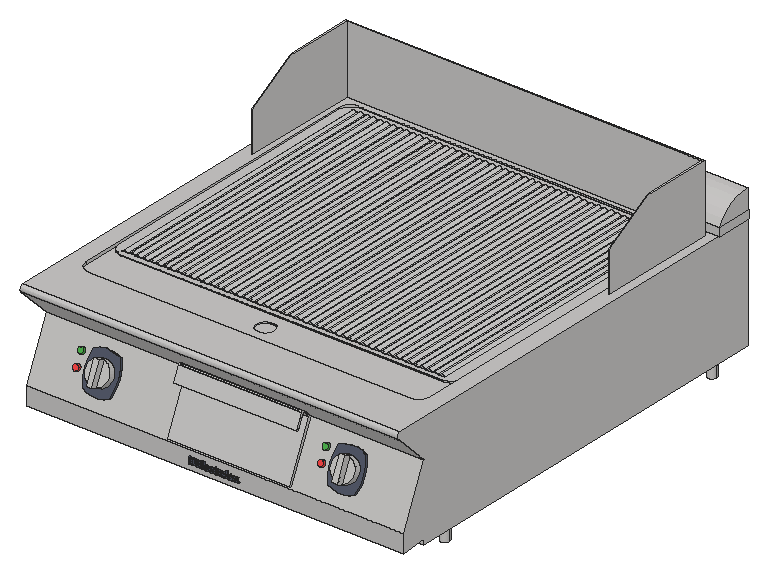
Revit family "QF_ELECTROLUXPROFESSIONAL_391408_E9IILDAOMEA", category Specialty Equipment, Revit 2018 (continued)
Automatic sketch dimensions
  plane 8 "Center X" to curve 112 = 123.8 mm
  plane 3 "LEFT" to curve 107 = 23 mm
  plane 8 "Center X" to curve 107 = 123.8 mm
  plane 1 "BACK" to curve 271 = 118.507 mm
  curve 145 to plane 7 "Center Y" = 24.975 mm
  curve 271 to curve 145 = 0 mm
  curve 142 to curve 145 = 0 mm
  curve 146 to curve 150 = 0 mm
  curve 137 to curve 140 = 0 mm
  curve 151 to curve 155 = 0 mm
  curve 132 to curve 135 = 0 mm
  curve 156 to curve 160 = 0 mm
  curve 161 to curve 165 = 0 mm
  curve 166 to curve 170 = 0 mm
  curve 171 to curve 114 = 0 mm
  curve 171 to curve 175 = 0 mm
  plane 1 "BACK" to curve 222 = 118.507 mm
  curve 276 to curve 220 = 0 mm
  curve 176 to curve 180 = 0 mm
  curve 181 to curve 185 = 0 mm
  curve 102 to plane 13 = 3.025 mm
  plane 1 "BACK" to curve 102 = 118.507 mm
  curve 276 to curve 195 = 0 mm
  curve 196 to curve 200 = 0 mm
  curve 201 to curve 205 = 0 mm
  curve 206 to curve 210 = 0 mm
  curve 77 to curve 80 = 0 mm
  curve 211 to curve 215 = 0 mm
  curve 221 to curve 225 = 0 mm
  curve 226 to curve 230 = 0 mm
  curve 231 to curve 235 = 0 mm
  curve 236 to curve 240 = 0 mm
  curve 241 to curve 245 = 0 mm
  curve 246 to curve 250 = 0 mm
  curve 251 to curve 255 = 0 mm
  curve 256 to curve 260 = 0 mm
  curve 261 to curve 265 = 0 mm
  plane 3 "LEFT" to curve 105 = 20 mm
  curve 105 to curve 275 = 27.307 mm
  curve 24 to plane 11 = 41.975 mm
  plane 10 to curve 19 = 25 mm
  curve 21 to plane 13 = 0.025 mm
  plane 10 to curve 21 = 25 mm
  curve 109 to curve 276 = 30.075 mm
  plane 3 "LEFT" to curve 19 = 60.025 mm
  curve 275 to curve 278 = 12 mm
  curve 277 to curve 198 = 2 mm
  curve 195 to curve 198 = 12 mm
  curve 197 to curve 203 = 2 mm
  curve 200 to curve 203 = 12 mm
  curve 201 to curve 206 = 2 mm
  curve 205 to curve 208 = 12 mm
  curve 207 to curve 213 = 2 mm
  curve 210 to curve 213 = 12 mm
  curve 212 to curve 215 = 2 mm
  curve 215 to curve 216 = 12 mm
  curve 217 to curve 220 = 2 mm
  curve 220 to curve 222 = 12 mm
  curve 221 to curve 225 = 2 mm
  curve 225 to curve 227 = 12 mm
  curve 226 to curve 230 = 2 mm
  curve 230 to curve 231 = 12 mm
  curve 232 to curve 235 = 2 mm
  curve 235 to curve 236 = 12 mm
  curve 236 to curve 240 = 2 mm
  curve 240 to curve 243 = 12 mm
  curve 242 to curve 245 = 2 mm
  curve 245 to curve 247 = 12 mm
  curve 246 to curve 250 = 2 mm
  curve 250 to curve 252 = 12 mm
  curve 252 to curve 258 = 2 mm
  curve 255 to curve 258 = 12 mm
  curve 257 to curve 260 = 2 mm
  curve 260 to curve 263 = 12 mm
  curve 261 to curve 266 = 2 mm
  curve 265 to curve 268 = 12 mm
  curve 267 to curve 273 = 2 mm
  curve 270 to curve 272 = 12 mm
  curve 272 to curve 115 = 2 mm
  curve 115 to curve 118 = 12 mm
  curve 117 to curve 123 = 2 mm
  curve 120 to curve 122 = 12 mm
  curve 121 to curve 126 = 2 mm
  curve 125 to curve 127 = 12 mm
  curve 127 to curve 133 = 2 mm
  curve 130 to curve 132 = 12 mm
  curve 131 to curve 136 = 2 mm
  curve 135 to curve 138 = 12 mm
  curve 136 to curve 140 = 2 mm
  curve 143 to curve 145 = 2 mm
  curve 145 to curve 148 = 12 mm
  curve 146 to curve 150 = 2 mm
  plane 7 "Center Y" to curve 152 = 1.025 mm
  curve 155 to curve 158 = 12 mm
  curve 157 to curve 160 = 2 mm
  curve 160 to curve 162 = 12 mm
  curve 162 to curve 165 = 2 mm
  curve 165 to curve 168 = 12 mm
  curve 167 to curve 173 = 2 mm
  curve 170 to curve 172 = 12 mm
  curve 171 to curve 176 = 2 mm
  curve 175 to curve 177 = 12 mm
  curve 177 to curve 180 = 2 mm
  curve 180 to curve 183 = 12 mm
  curve 182 to curve 188 = 2 mm
  curve 185 to curve 188 = 12 mm
  curve 186 to curve 191 = 2 mm
  curve 190 to curve 193 = 12 mm
  curve 114 to curve 25 = 2 mm
  curve 25 to curve 26 = 12 mm
  curve 27 to curve 30 = 2 mm
  curve 30 to curve 31 = 12 mm
  curve 32 to curve 35 = 2 mm
  curve 35 to curve 36 = 12 mm
  curve 36 to curve 40 = 2 mm
  curve 40 to curve 42 = 12 mm
  curve 42 to curve 45 = 2 mm
  curve 45 to curve 47 = 12 mm
  curve 46 to curve 50 = 2 mm
  curve 50 to curve 52 = 12 mm
  curve 52 to curve 55 = 2 mm
  curve 55 to curve 58 = 12 mm
  curve 57 to curve 63 = 2 mm
  curve 60 to curve 62 = 12 mm
  curve 61 to curve 65 = 2 mm
  curve 65 to curve 67 = 12 mm
  curve 66 to curve 70 = 2 mm
  curve 70 to curve 72 = 12 mm
  curve 71 to curve 75 = 2 mm
  curve 75 to curve 78 = 12 mm
  curve 76 to curve 80 = 2 mm
  curve 80 to curve 83 = 12 mm
  curve 82 to curve 88 = 2 mm
  curve 85 to curve 87 = 12 mm
  curve 86 to curve 90 = 2 mm
  curve 90 to curve 92 = 12 mm
  curve 92 to curve 95 = 2 mm
  curve 95 to curve 96 = 12 mm
  curve 97 to curve 100 = 2 mm
  curve 110 to curve 111 = 3 mm
  curve 114 to curve 114 = 24.848 mm
  curve 107 to curve 109 = 3 mm
  curve 275 to curve 279 = 6 mm
  curve 195 to curve 199 = 6 mm
  curve 200 to curve 204 = 6 mm
  curve 205 to curve 209 = 6 mm
  curve 210 to curve 214 = 6 mm
  curve 215 to curve 219 = 6 mm
  curve 220 to curve 224 = 6 mm
  curve 225 to curve 229 = 6 mm
  curve 230 to curve 234 = 6 mm
  curve 235 to curve 239 = 6 mm
  curve 240 to curve 244 = 6 mm
  curve 245 to curve 249 = 6 mm
  curve 250 to curve 254 = 6 mm
  curve 255 to curve 259 = 6 mm
  curve 260 to curve 264 = 6 mm
  curve 265 to curve 269 = 6 mm
  curve 270 to curve 274 = 6 mm
  curve 115 to curve 119 = 6 mm
  curve 120 to curve 124 = 6 mm
  curve 125 to curve 129 = 6 mm
  curve 130 to curve 134 = 6 mm
  curve 135 to curve 139 = 6 mm
  curve 140 to curve 144 = 6 mm
  curve 145 to curve 149 = 6 mm
  curve 23 to curve 23 = 18.9 mm
  curve 154 to plane 7 "Center Y" = 4.975 mm
  curve 155 to curve 159 = 6 mm
  curve 160 to curve 164 = 6 mm
  curve 165 to curve 169 = 6 mm
  curve 170 to curve 174 = 6 mm
  curve 175 to curve 179 = 6 mm
  curve 180 to curve 184 = 6 mm
  curve 185 to curve 189 = 6 mm
  curve 190 to curve 194 = 6 mm
  curve 25 to curve 29 = 6 mm
  curve 30 to curve 34 = 6 mm
  curve 35 to curve 39 = 6 mm
  curve 40 to curve 44 = 6 mm
  curve 45 to curve 49 = 6 mm
  curve 50 to curve 54 = 6 mm
  curve 55 to curve 59 = 6 mm
  curve 60 to curve 64 = 6 mm
  curve 65 to curve 69 = 6 mm
  curve 70 to curve 74 = 6 mm
  curve 75 to curve 79 = 6 mm
  curve 84 to curve 82 = 6 mm
  curve 85 to curve 89 = 6 mm
  curve 90 to curve 94 = 6 mm
  curve 95 to curve 99 = 6 mm
  curve 100 to curve 104 = 6 mm
  plane 5 "FRONT" to Extrusion 1 sketch curve = 0 mm  (x2)
  plane 1 "BACK" to Extrusion 1 sketch curve = 0 mm
  Extrusion 1 sketch curve to plane 3 "LEFT" = 0 mm
  Extrusion 1 sketch curve to plane 4 "RIGHT" = 0 mm
  Extrusion 1 sketch curve to plane 3 "LEFT" = 100 mm
  Extrusion 1 sketch curve to Extrusion 1 sketch curve = 100 mm
  Extrusion 1 sketch curve to plane 1 "BACK" = 100 mm
  Extrusion 2 sketch curve to plane 1 "BACK" = 0 mm
  Extrusion 2 sketch curve to plane 10 = 36.15 mm
  Extrusion 2 sketch curve to plane 10 = 36.362 mm
  Extrusion 2 sketch curve to plane 5 "FRONT" = 16.478 mm
  Extrusion 2 sketch curve to plane 5 "FRONT" = 7.31 mm
  Extrusion 2 sketch curve to plane 5 "FRONT" = 2.136 mm
  Extrusion 2 sketch curve to Extrusion 2 sketch curve = 7.318 mm
  Extrusion 2 sketch curve to Extrusion 2 sketch curve = 116.815 mm
  Extrusion 2 sketch curve to Extrusion 2 sketch curve = 32.49 mm
  Extrusion 2 sketch curve to Extrusion 2 sketch curve = 38.1 mm
  Extrusion 2 sketch curve to Extrusion 2 sketch curve = 12.7 mm
  plane 3 "LEFT" to Extrusion 3 sketch curve = 11.012 mm  (x2)
  Extrusion 3 sketch curve to plane 4 "RIGHT" = 11.012 mm
  Extrusion 3 sketch curve to plane 4 "RIGHT" = 11.013 mm
  plane 10 to Extrusion 3 sketch curve = 33.966 mm  (x2)
  plane 1 "BACK" to Extrusion 3 sketch curve = 82.038 mm  (x2)
  plane 3 "LEFT" to Extrusion 4 sketch curve = 139.713 mm
  Extrusion 5 sketch curve to Extrusion 5 sketch curve = 24.732 mm
  Extrusion 5 sketch curve to Extrusion 5 sketch curve = 0 mm
  Extrusion 6 sketch curve to Extrusion 2 = 60.004 mm
  Extrusion 2 to Extrusion 6 sketch curve = 87.788 mm
  Extrusion 7 sketch curve to Extrusion 2 = 60.004 mm
  Extrusion 2 to Extrusion 7 sketch curve = 193.099 mm
  Extrusion 2 to Extrusion 8 sketch curve = 38.458 mm
  Extrusion 2 to Extrusion 8 sketch curve = 87.788 mm
  Extrusion 2 to Extrusion 9 sketch curve = 38.458 mm
  Extrusion 2 to Extrusion 9 sketch curve = 193.099 mm
  Extrusion 10 sketch curve to plane 1 "BACK" = 0 mm
  plane 1 "BACK" to Extrusion 10 sketch curve = 76.2 mm
  Extrusion 10 sketch curve to Extrusion 10 sketch curve = 16.5 mm
  Extrusion 11 sketch curve to plane 13 = 79.713 mm
  Extrusion 12 sketch curve to Extrusion 12 sketch curve = 24.732 mm
  Extrusion 12 sketch curve to Extrusion 12 sketch curve = 0 mm
  Extrusion 13 sketch curve to plane 1 "BACK" = 0 mm
  plane 1 "BACK" to Extrusion 13 sketch curve = 5.627 mm
  Extrusion 13 sketch curve to Extrusion 13 sketch curve = 76.2 mm
  plane 8 "Center X" to Extrusion 14 sketch curve = 123.8 mm
  Extrusion 14 sketch curve to Extrusion 14 sketch curve = 2.069 mm
  Extrusion 14 sketch curve to Extrusion 14 sketch curve = 2.015 mm
  Extrusion 14 sketch curve to Extrusion 14 sketch curve = 98.62 mm
  Extrusion 14 sketch curve to Extrusion 14 sketch curve = 7.119 mm
  plane 1 "BACK" to Extrusion 14 sketch curve = 91.2 mm
  Extrusion 14 sketch curve to Extrusion 14 sketch curve = 46.951 mm
  Extrusion 14 sketch curve to Extrusion 14 sketch curve = 12.548 mm
  plane 8 "Center X" to Extrusion 15 sketch curve = 123.8 mm
  Extrusion 15 sketch curve to Extrusion 15 sketch curve = 2.069 mm
  Extrusion 15 sketch curve to Extrusion 15 sketch curve = 2.015 mm
  Extrusion 15 sketch curve to Extrusion 15 sketch curve = 98.62 mm
  Extrusion 15 sketch curve to Extrusion 15 sketch curve = 7.119 mm
  plane 1 "BACK" to Extrusion 15 sketch curve = 91.2 mm
  Extrusion 15 sketch curve to Extrusion 15 sketch curve = 46.951 mm
  Extrusion 15 sketch curve to Extrusion 15 sketch curve = 12.548 mm
  Extrusion 16 sketch curve to plane 4 "RIGHT" = 23 mm
  plane 3 "LEFT" to Extrusion 16 sketch curve = 23 mm
  plane 1 "BACK" to Extrusion 16 sketch curve = 91.2 mm
  Extrusion 16 sketch curve to Extrusion 16 sketch curve = 3 mm
  Extrusion 17 sketch curve to Extrusion 17 sketch curve = 0 mm  (x3)
  Extrusion 17 sketch curve to plane 5 "FRONT" = 14.996 mm
  Extrusion 17 sketch curve to Extrusion 17 sketch curve = 2.884 mm  (x3)
  Extrusion 17 sketch curve to plane 5 "FRONT" = 32.398 mm
  Extrusion 17 sketch curve to Extrusion 17 sketch curve = 12.662 mm
  Extrusion 17 sketch curve to Extrusion 17 sketch curve = 1.711 mm
  Extrusion 17 sketch curve to Extrusion 17 sketch curve = 1.332 mm
  Extrusion 17 sketch curve to Extrusion 17 sketch curve = 2.245 mm
  Extrusion 17 sketch curve to Extrusion 17 sketch curve = 14.843 mm
  Extrusion 17 sketch curve to Extrusion 17 sketch curve = 3.809 mm
  Extrusion 17 sketch curve to Extrusion 17 sketch curve = 1.327 mm  (x2)
  Extrusion 17 sketch curve to Extrusion 17 sketch curve = 13.211 mm
  Extrusion 17 sketch curve to Extrusion 17 sketch curve = 0.787 mm
  Extrusion 18 sketch curve to Extrusion 18 sketch curve = 0 mm  (x3)
  Extrusion 18 sketch curve to plane 9 = 0 mm
  plane 9 to Extrusion 18 sketch curve = 2.884 mm
  plane 9 to Extrusion 18 sketch curve = 17.403 mm
  Extrusion 18 sketch curve to Extrusion 18 sketch curve = 2.884 mm  (x2)
  plane 9 to Extrusion 18 sketch curve = 30.065 mm
  Extrusion 18 sketch curve to Extrusion 18 sketch curve = 0.82 mm
  Extrusion 18 sketch curve to Extrusion 18 sketch curve = 1.711 mm
  Extrusion 18 sketch curve to Extrusion 18 sketch curve = 1.332 mm
  Extrusion 18 sketch curve to Extrusion 18 sketch curve = 14.843 mm
  Extrusion 18 sketch curve to plane 5 "FRONT" = 17.88 mm
  Extrusion 18 sketch curve to plane 5 "FRONT" = 49.655 mm
  Extrusion 18 sketch curve to Extrusion 18 sketch curve = 0.891 mm
  Extrusion 18 sketch curve to Extrusion 18 sketch curve = 2.686 mm
  Extrusion 18 sketch curve to Extrusion 18 sketch curve = 16.406 mm  (x2)
  Extrusion 18 sketch curve to Extrusion 18 sketch curve = 1.327 mm  (x2)
  Extrusion 18 sketch curve to Extrusion 18 sketch curve = 13.211 mm
  Extrusion 18 sketch curve to Extrusion 18 sketch curve = 0.787 mm
  Extrusion 18 sketch curve to Extrusion 18 sketch curve = 4.979 mm
  Extrusion 2 to Extrusion 19 sketch curve = 142.715 mm
  Extrusion 2 to Extrusion 19 sketch curve = 400.05 mm
  plane 3 "LEFT" to Extrusion 20 sketch curve = 139.77 mm
  Extrusion 20 sketch curve to Extrusion 20 sketch curve = 22.625 mm  (x2)
  Extrusion 20 sketch curve to Extrusion 20 sketch curve = 46.058 mm
  Extrusion 20 sketch curve to Extrusion 20 sketch curve = 0.135 mm
  Extrusion 20 sketch curve to Extrusion 20 sketch curve = 54.302 mm
  Extrusion 20 sketch curve to Extrusion 20 sketch curve = 52.962 mm
  Extrusion 20 sketch curve to Extrusion 20 sketch curve = 12.3 mm  (x2)
  Extrusion 20 sketch curve to Extrusion 20 sketch curve = 12.538 mm
  Extrusion 20 sketch curve to Extrusion 20 sketch curve = 12.373 mm
  Extrusion 21 sketch curve to plane 13 = 79.773 mm
  Extrusion 21 sketch curve to Extrusion 21 sketch curve = 22.625 mm  (x2)
  Extrusion 21 sketch curve to Extrusion 21 sketch curve = 46.058 mm
  Extrusion 21 sketch curve to plane 13 = 25.354 mm
  Extrusion 21 sketch curve to Extrusion 21 sketch curve = 0.13 mm
  Extrusion 21 sketch curve to Extrusion 21 sketch curve = 53.134 mm
  Extrusion 21 sketch curve to Extrusion 21 sketch curve = 12.3 mm  (x2)
  Extrusion 21 sketch curve to Extrusion 21 sketch curve = 12.538 mm
  Extrusion 21 sketch curve to Extrusion 21 sketch curve = 12.373 mm
  plane 7 "Center Y" to Extrusion 22 sketch curve = 18.482 mm
  plane 7 "Center Y" to Extrusion 22 sketch curve = 3.159 mm
  Extrusion 22 sketch curve to Extrusion 22 sketch curve = 5.06 mm
  Extrusion 22 sketch curve to Extrusion 22 sketch curve = 0 mm  (x15)
  Extrusion 22 sketch curve to Extrusion 22 sketch curve = 5.162 mm
  Extrusion 22 sketch curve to Extrusion 22 sketch curve = 0.218 mm
  Extrusion 22 sketch curve to Extrusion 22 sketch curve = 0.195 mm
  Extrusion 22 sketch curve to Extrusion 22 sketch curve = 5.357 mm
  Extrusion 22 sketch curve to Extrusion 22 sketch curve = 0.297 mm
  Extrusion 22 sketch curve to Extrusion 22 sketch curve = 0.087 mm
  Extrusion 22 sketch curve to Extrusion 22 sketch curve = 0.358 mm
  plane 7 "Center Y" to Extrusion 22 sketch curve = 35.337 mm
  Extrusion 22 sketch curve to Extrusion 22 sketch curve = 0.481 mm
  Extrusion 22 sketch curve to Extrusion 22 sketch curve = 0.544 mm
  Extrusion 22 sketch curve to Extrusion 22 sketch curve = 0.936 mm
  Extrusion 22 sketch curve to Extrusion 22 sketch curve = 0.594 mm
  Extrusion 22 sketch curve to Extrusion 22 sketch curve = 0.159 mm
  Extrusion 22 sketch curve to Extrusion 22 sketch curve = 0.826 mm
  Extrusion 22 sketch curve to Extrusion 22 sketch curve = 0.839 mm
  Extrusion 22 sketch curve to Extrusion 22 sketch curve = 0.852 mm
  Extrusion 22 sketch curve to Extrusion 22 sketch curve = 0.887 mm
  Extrusion 22 sketch curve to Extrusion 22 sketch curve = 0.928 mm
  Extrusion 22 sketch curve to Extrusion 22 sketch curve = 0.938 mm
  Extrusion 22 sketch curve to Extrusion 22 sketch curve = 1.259 mm
  Extrusion 22 sketch curve to Extrusion 22 sketch curve = 1.11 mm  (x3)
  plane 7 "Center Y" to Extrusion 22 sketch curve = 40.916 mm
  Extrusion 22 sketch curve to Extrusion 22 sketch curve = 0.215 mm
  Extrusion 22 sketch curve to Extrusion 22 sketch curve = 1.188 mm
  Extrusion 22 sketch curve to Extrusion 22 sketch curve = 1.21 mm  (x2)
  Extrusion 22 sketch curve to Extrusion 22 sketch curve = 0.503 mm
  plane 7 "Center Y" to Extrusion 22 sketch curve = 46.185 mm
  Extrusion 22 sketch curve to Extrusion 22 sketch curve = 0.488 mm
  plane 7 "Center Y" to Extrusion 22 sketch curve = 50.112 mm
  Extrusion 22 sketch curve to Extrusion 22 sketch curve = 0.462 mm
  Extrusion 22 sketch curve to Extrusion 22 sketch curve = 1.029 mm
  Extrusion 22 sketch curve to Extrusion 22 sketch curve = 1.723 mm
  Extrusion 22 sketch curve to Extrusion 22 sketch curve = 0.821 mm
  Extrusion 22 sketch curve to Extrusion 22 sketch curve = 0.686 mm
  Extrusion 22 sketch curve to Extrusion 22 sketch curve = 0.081 mm
  Extrusion 22 sketch curve to Extrusion 22 sketch curve = 0.743 mm
  plane 7 "Center Y" to Extrusion 22 sketch curve = 43.338 mm
  Extrusion 22 sketch curve to Extrusion 22 sketch curve = 0.329 mm
  Extrusion 22 sketch curve to Extrusion 22 sketch curve = 1.054 mm
  Extrusion 22 sketch curve to Extrusion 22 sketch curve = 1.398 mm
  Extrusion 22 sketch curve to Extrusion 22 sketch curve = 0.129 mm
  Extrusion 22 sketch curve to Extrusion 22 sketch curve = 2.246 mm
  Extrusion 22 sketch curve to Extrusion 22 sketch curve = 1.151 mm
  Extrusion 22 sketch curve to Extrusion 22 sketch curve = 1.141 mm  (x2)
  Extrusion 22 sketch curve to Extrusion 22 sketch curve = 0.768 mm
  Extrusion 22 sketch curve to Extrusion 22 sketch curve = 1.653 mm
  Extrusion 22 sketch curve to Extrusion 22 sketch curve = 2.335 mm
  Extrusion 22 sketch curve to Extrusion 22 sketch curve = 0.964 mm
  Extrusion 22 sketch curve to Extrusion 22 sketch curve = 0.949 mm
  Extrusion 22 sketch curve to Extrusion 22 sketch curve = 1.345 mm  (x3)
  Extrusion 22 sketch curve to Extrusion 22 sketch curve = 1.101 mm
  Extrusion 22 sketch curve to Extrusion 22 sketch curve = 0.432 mm
  Extrusion 22 sketch curve to Extrusion 22 sketch curve = 0.643 mm  (x2)
  Extrusion 22 sketch curve to Extrusion 22 sketch curve = 1.945 mm
  Extrusion 22 sketch curve to Extrusion 22 sketch curve = 0.176 mm
  Extrusion 22 sketch curve to Extrusion 22 sketch curve = 0.728 mm
  Extrusion 22 sketch curve to Extrusion 22 sketch curve = 1.046 mm
  Extrusion 22 sketch curve to Extrusion 22 sketch curve = 0.541 mm
  Extrusion 22 sketch curve to Extrusion 22 sketch curve = 1.251 mm
  Extrusion 22 sketch curve to Extrusion 22 sketch curve = 0.955 mm
  Extrusion 22 sketch curve to Extrusion 22 sketch curve = 0.572 mm
  plane 7 "Center Y" to Extrusion 22 sketch curve = 44.809 mm
  Extrusion 22 sketch curve to Extrusion 22 sketch curve = 1.92 mm
  Extrusion 22 sketch curve to Extrusion 22 sketch curve = 1.224 mm
  Extrusion 22 sketch curve to Extrusion 22 sketch curve = 0.745 mm
  Extrusion 22 sketch curve to Extrusion 22 sketch curve = 2.537 mm
  Extrusion 22 sketch curve to Extrusion 22 sketch curve = 0.896 mm  (x3)
  Extrusion 22 sketch curve to Extrusion 22 sketch curve = 0.036 mm  (x2)
  Extrusion 22 sketch curve to Extrusion 22 sketch curve = 0.479 mm
  Extrusion 22 sketch curve to Extrusion 22 sketch curve = 0.066 mm
  Extrusion 22 sketch curve to Extrusion 22 sketch curve = 0.248 mm
  Extrusion 22 sketch curve to Extrusion 22 sketch curve = 0.449 mm
  plane 7 "Center Y" to Extrusion 22 sketch curve = 44.028 mm
  Extrusion 22 sketch curve to Extrusion 22 sketch curve = 1.052 mm
  Extrusion 22 sketch curve to Extrusion 22 sketch curve = 1.863 mm
  Extrusion 22 sketch curve to Extrusion 22 sketch curve = 1.31 mm  (x2)
  Extrusion 22 sketch curve to Extrusion 22 sketch curve = 0.901 mm
  Extrusion 22 sketch curve to Extrusion 22 sketch curve = 1.107 mm
  Extrusion 22 sketch curve to Extrusion 22 sketch curve = 2.122 mm
  Extrusion 22 sketch curve to Extrusion 22 sketch curve = 2.101 mm
  Extrusion 22 sketch curve to Extrusion 22 sketch curve = 0.134 mm
  plane 7 "Center Y" to Extrusion 22 sketch curve = 46.831 mm
  Extrusion 22 sketch curve to Extrusion 22 sketch curve = 2.09 mm
  Extrusion 22 sketch curve to Extrusion 22 sketch curve = 1.279 mm
  Extrusion 22 sketch curve to Extrusion 22 sketch curve = 2.008 mm
  Extrusion 22 sketch curve to Extrusion 22 sketch curve = 0.738 mm
  Extrusion 22 sketch curve to Extrusion 22 sketch curve = 0.382 mm
  Extrusion 22 sketch curve to Extrusion 22 sketch curve = 0.384 mm
  Extrusion 22 sketch curve to Extrusion 22 sketch curve = 0.002 mm
  Extrusion 22 sketch curve to Extrusion 22 sketch curve = 0.561 mm
  Extrusion 22 sketch curve to Extrusion 22 sketch curve = 0.592 mm
  Extrusion 22 sketch curve to Extrusion 22 sketch curve = 2.692 mm
  Extrusion 22 sketch curve to Extrusion 22 sketch curve = 0.46 mm
  plane 7 "Center Y" to Extrusion 22 sketch curve = 46.048 mm
  Extrusion 22 sketch curve to Extrusion 22 sketch curve = 0.802 mm
  Extrusion 22 sketch curve to Extrusion 22 sketch curve = 1.024 mm  (x2)
  Extrusion 22 sketch curve to Extrusion 22 sketch curve = 0.682 mm
  Extrusion 22 sketch curve to Extrusion 22 sketch curve = 5.934 mm
  Extrusion 22 sketch curve to Extrusion 22 sketch curve = 2.186 mm
  Extrusion 22 sketch curve to Extrusion 22 sketch curve = 0.337 mm
  Extrusion 22 sketch curve to Extrusion 22 sketch curve = 0.021 mm
  Extrusion 22 sketch curve to Extrusion 22 sketch curve = 1.005 mm
  Extrusion 22 sketch curve to Extrusion 22 sketch curve = 0.552 mm
  Extrusion 22 sketch curve to Extrusion 22 sketch curve = 0.778 mm
  Extrusion 22 sketch curve to Extrusion 22 sketch curve = 0.063 mm
  Extrusion 22 sketch curve to Extrusion 22 sketch curve = 1.023 mm
  Extrusion 22 sketch curve to Extrusion 22 sketch curve = 3.804 mm
  Extrusion 22 sketch curve to Extrusion 22 sketch curve = 0.486 mm
  Extrusion 22 sketch curve to Extrusion 22 sketch curve = 0.266 mm
  Extrusion 22 sketch curve to Extrusion 22 sketch curve = 0.717 mm  (x2)
  Extrusion 22 sketch curve to Extrusion 22 sketch curve = 1.667 mm
  plane 7 "Center Y" to Extrusion 22 sketch curve = 41.722 mm
  Extrusion 22 sketch curve to Extrusion 22 sketch curve = 3.174 mm
  Extrusion 22 sketch curve to plane 7 "Center Y" = 2.442 mm
  Extrusion 22 sketch curve to Extrusion 22 sketch curve = 1.935 mm
  Extrusion 22 sketch curve to Extrusion 22 sketch curve = 1.342 mm
  plane 7 "Center Y" to Extrusion 22 sketch curve = 47.325 mm
  Extrusion 22 sketch curve to Extrusion 22 sketch curve = 1.521 mm
  plane 7 "Center Y" to Extrusion 22 sketch curve = 48.884 mm
  Extrusion 22 sketch curve to Extrusion 22 sketch curve = 0.124 mm
  Extrusion 22 sketch curve to Extrusion 22 sketch curve = 0.291 mm
  plane 7 "Center Y" to Extrusion 22 sketch curve = 4.475 mm
  Extrusion 22 sketch curve to Extrusion 22 sketch curve = 1.049 mm  (x2)
  plane 7 "Center Y" to Extrusion 22 sketch curve = 44.858 mm
  Extrusion 22 sketch curve to Extrusion 22 sketch curve = 1.7 mm
  Extrusion 22 sketch curve to Extrusion 22 sketch curve = 2.534 mm
  plane 7 "Center Y" to Extrusion 22 sketch curve = 28.156 mm
  Extrusion 22 sketch curve to Extrusion 22 sketch curve = 1.168 mm
  Extrusion 22 sketch curve to Extrusion 22 sketch curve = 1.594 mm
  Extrusion 22 sketch curve to Extrusion 22 sketch curve = 0.731 mm
  Extrusion 22 sketch curve to Extrusion 22 sketch curve = 1.566 mm
  plane 7 "Center Y" to Extrusion 22 sketch curve = 5.031 mm
  Extrusion 22 sketch curve to Extrusion 22 sketch curve = 0.556 mm
  Extrusion 22 sketch curve to Extrusion 22 sketch curve = 1.375 mm
  Extrusion 22 sketch curve to Extrusion 22 sketch curve = 1.018 mm
  plane 7 "Center Y" to Extrusion 22 sketch curve = 34.619 mm
  Extrusion 22 sketch curve to Extrusion 22 sketch curve = 0.787 mm
  plane 7 "Center Y" to Extrusion 22 sketch curve = 7.078 mm
  Extrusion 22 sketch curve to Extrusion 22 sketch curve = 0.618 mm
  plane 7 "Center Y" to Extrusion 22 sketch curve = 39.676 mm
  Extrusion 22 sketch curve to Extrusion 22 sketch curve = 1.672 mm
  plane 7 "Center Y" to Extrusion 22 sketch curve = 50.626 mm
  Extrusion 22 sketch curve to Extrusion 22 sketch curve = 1.361 mm
  Extrusion 22 sketch curve to Extrusion 22 sketch curve = 0.822 mm
  Extrusion 22 sketch curve to Extrusion 22 sketch curve = 0.069 mm
  Extrusion 22 sketch curve to Extrusion 22 sketch curve = 1.88 mm
  plane 7 "Center Y" to Extrusion 22 sketch curve = 32.459 mm
  Extrusion 22 sketch curve to Extrusion 22 sketch curve = 0.42 mm
  Extrusion 22 sketch curve to Extrusion 22 sketch curve = 0.062 mm
  Extrusion 22 sketch curve to Extrusion 22 sketch curve = 1.355 mm
  Extrusion 22 sketch curve to Extrusion 22 sketch curve = 2.34 mm
  Extrusion 22 sketch curve to Extrusion 22 sketch curve = 0.629 mm  (x3)
  Extrusion 22 sketch curve to Extrusion 22 sketch curve = 0.128 mm
  Extrusion 22 sketch curve to Extrusion 22 sketch curve = 3.616 mm
  Extrusion 22 sketch curve to Extrusion 22 sketch curve = 4.207 mm
  Extrusion 22 sketch curve to Extrusion 22 sketch curve = 0.183 mm
  Extrusion 22 sketch curve to Extrusion 22 sketch curve = 0.895 mm
  Extrusion 22 sketch curve to Extrusion 22 sketch curve = 1.314 mm
  Extrusion 22 sketch curve to Extrusion 22 sketch curve = 3.231 mm
  Extrusion 22 sketch curve to plane 7 "Center Y" = 26.336 mm
  Extrusion 22 sketch curve to Extrusion 22 sketch curve = 1.299 mm
  plane 7 "Center Y" to Extrusion 22 sketch curve = 23.558 mm
  Extrusion 22 sketch curve to Extrusion 22 sketch curve = 1.264 mm
  Extrusion 22 sketch curve to Extrusion 22 sketch curve = 0.109 mm
  Extrusion 22 sketch curve to Extrusion 22 sketch curve = 1.571 mm
  Extrusion 22 sketch curve to Extrusion 22 sketch curve = 0.565 mm
  Extrusion 22 sketch curve to Extrusion 22 sketch curve = 2.504 mm
  Extrusion 22 sketch curve to Extrusion 22 sketch curve = 2.459 mm
  Extrusion 22 sketch curve to Extrusion 22 sketch curve = 1.502 mm
  Extrusion 22 sketch curve to Extrusion 22 sketch curve = 0.983 mm
  Extrusion 22 sketch curve to Extrusion 22 sketch curve = 0.422 mm  (x2)
  Extrusion 22 sketch curve to Extrusion 22 sketch curve = 1.268 mm
  Extrusion 22 sketch curve to Extrusion 22 sketch curve = 0.671 mm
  Extrusion 22 sketch curve to Extrusion 22 sketch curve = 0.403 mm
  Extrusion 22 sketch curve to Extrusion 22 sketch curve = 0.586 mm
  Extrusion 22 sketch curve to Extrusion 22 sketch curve = 1.241 mm
  Extrusion 22 sketch curve to Extrusion 22 sketch curve = 1.689 mm
  Extrusion 22 sketch curve to Extrusion 22 sketch curve = 0.863 mm
  Extrusion 22 sketch curve to Extrusion 22 sketch curve = 0.736 mm
  Extrusion 22 sketch curve to Extrusion 22 sketch curve = 0.419 mm
  Extrusion 22 sketch curve to Extrusion 22 sketch curve = 1.514 mm
  Extrusion 22 sketch curve to Extrusion 22 sketch curve = 1.019 mm
  Extrusion 22 sketch curve to Extrusion 22 sketch curve = 0.065 mm  (x2)
  Extrusion 22 sketch curve to Extrusion 22 sketch curve = 1.122 mm
  Extrusion 22 sketch curve to Extrusion 22 sketch curve = 1.153 mm
  Extrusion 22 sketch curve to Extrusion 22 sketch curve = 3.009 mm
  Extrusion 22 sketch curve to Extrusion 22 sketch curve = 1.223 mm
  Extrusion 22 sketch curve to Extrusion 22 sketch curve = 0.934 mm
  Extrusion 22 sketch curve to Extrusion 22 sketch curve = 1.38 mm
  Extrusion 22 sketch curve to Extrusion 22 sketch curve = 1.039 mm
  Extrusion 22 sketch curve to Extrusion 22 sketch curve = 2.652 mm
  Extrusion 22 sketch curve to Extrusion 22 sketch curve = 3.114 mm
  Extrusion 22 sketch curve to Extrusion 22 sketch curve = 0.222 mm
  Extrusion 22 sketch curve to Extrusion 22 sketch curve = 1.383 mm
  Extrusion 22 sketch curve to Extrusion 22 sketch curve = 1.778 mm
  Extrusion 22 sketch curve to Extrusion 22 sketch curve = 2.559 mm
  Extrusion 22 sketch curve to Extrusion 22 sketch curve = 2.697 mm
  Extrusion 22 sketch curve to Extrusion 22 sketch curve = 1.477 mm
  Extrusion 22 sketch curve to Extrusion 22 sketch curve = 1.5 mm
  Extrusion 22 sketch curve to Extrusion 22 sketch curve = 0.795 mm
  Extrusion 22 sketch curve to Extrusion 22 sketch curve = 0.051 mm
  Extrusion 22 sketch curve to Extrusion 22 sketch curve = 1.42 mm
  plane 7 "Center Y" to Extrusion 22 sketch curve = 2.172 mm
  Extrusion 22 sketch curve to Extrusion 22 sketch curve = 0.137 mm  (x2)
  plane 7 "Center Y" to Extrusion 22 sketch curve = 1.575 mm
  Extrusion 22 sketch curve to Extrusion 22 sketch curve = 0.27 mm
  Extrusion 22 sketch curve to Extrusion 22 sketch curve = 2.181 mm
  Extrusion 22 sketch curve to Extrusion 22 sketch curve = 1.887 mm
  Extrusion 22 sketch curve to Extrusion 22 sketch curve = 2.175 mm
  Extrusion 22 sketch curve to Extrusion 22 sketch curve = 0.635 mm
  Extrusion 22 sketch curve to Extrusion 22 sketch curve = 0.903 mm
  Extrusion 22 sketch curve to Extrusion 22 sketch curve = 0.916 mm
  Extrusion 22 sketch curve to Extrusion 22 sketch curve = 0.352 mm  (x3)
  Extrusion 22 sketch curve to Extrusion 22 sketch curve = 0.458 mm
  Extrusion 22 sketch curve to Extrusion 22 sketch curve = 0.386 mm
  Extrusion 22 sketch curve to Extrusion 22 sketch curve = 1.282 mm
  Extrusion 22 sketch curve to Extrusion 22 sketch curve = 1.363 mm
  Extrusion 22 sketch curve to Extrusion 22 sketch curve = 0.685 mm
  Extrusion 22 sketch curve to Extrusion 22 sketch curve = 0.905 mm
  Extrusion 22 sketch curve to Extrusion 22 sketch curve = 2.865 mm
  Extrusion 22 sketch curve to Extrusion 22 sketch curve = 0.472 mm
  Extrusion 22 sketch curve to Extrusion 22 sketch curve = 0.549 mm
  Extrusion 22 sketch curve to Extrusion 22 sketch curve = 0.101 mm
  Extrusion 22 sketch curve to Extrusion 22 sketch curve = 0.54 mm
  Extrusion 22 sketch curve to Extrusion 22 sketch curve = 0.02 mm
  Extrusion 22 sketch curve to Extrusion 22 sketch curve = 0.468 mm
  Extrusion 22 sketch curve to Extrusion 22 sketch curve = 0.829 mm
  Extrusion 22 sketch curve to Extrusion 22 sketch curve = 0.582 mm
  Extrusion 22 sketch curve to Extrusion 22 sketch curve = 0.857 mm
  Extrusion 22 sketch curve to Extrusion 22 sketch curve = 1.523 mm
  Extrusion 22 sketch curve to Extrusion 22 sketch curve = 0.166 mm
  Extrusion 22 sketch curve to Extrusion 22 sketch curve = 0.16 mm
  Extrusion 22 sketch curve to Extrusion 22 sketch curve = 1.118 mm
  Extrusion 22 sketch curve to Extrusion 22 sketch curve = 0.613 mm
  Extrusion 22 sketch curve to Extrusion 22 sketch curve = 0.781 mm
  Extrusion 22 sketch curve to Extrusion 22 sketch curve = 0.361 mm
  Extrusion 22 sketch curve to Extrusion 22 sketch curve = 0.897 mm
  Extrusion 22 sketch curve to Extrusion 22 sketch curve = 0.354 mm
  Extrusion 22 sketch curve to Extrusion 22 sketch curve = 0.292 mm
  Extrusion 22 sketch curve to Extrusion 22 sketch curve = 0.305 mm
  Extrusion 22 sketch curve to Extrusion 22 sketch curve = 1.553 mm
  Extrusion 22 sketch curve to Extrusion 22 sketch curve = 1.004 mm
  Extrusion 22 sketch curve to Extrusion 22 sketch curve = 1.557 mm
  Extrusion 22 sketch curve to Extrusion 22 sketch curve = 2.206 mm
  Extrusion 22 sketch curve to Extrusion 22 sketch curve = 3.062 mm
  Extrusion 22 sketch curve to Extrusion 22 sketch curve = 0.771 mm
  Extrusion 22 sketch curve to Extrusion 22 sketch curve = 1.115 mm
  Extrusion 22 sketch curve to Extrusion 22 sketch curve = 1.202 mm
  Extrusion 22 sketch curve to Extrusion 22 sketch curve = 1.231 mm
  Extrusion 22 sketch curve to Extrusion 22 sketch curve = 2.968 mm
  Extrusion 22 sketch curve to Extrusion 22 sketch curve = 5.044 mm
  Extrusion 22 sketch curve to Extrusion 22 sketch curve = 1.131 mm
  Extrusion 22 sketch curve to Extrusion 22 sketch curve = 0.027 mm
  Extrusion 22 sketch curve to Extrusion 22 sketch curve = 2.046 mm
  Extrusion 22 sketch curve to Extrusion 22 sketch curve = 2.235 mm
  plane 7 "Center Y" to Extrusion 23 sketch curve = 127.025 mm
  Extrusion 23 sketch curve to Extrusion 23 sketch curve = 6 mm  (x2)
  plane 7 "Center Y" to Extrusion 24 sketch curve = 141.025 mm
  Extrusion 24 sketch curve to Extrusion 24 sketch curve = 6 mm  (x2)
  plane 7 "Center Y" to Extrusion 25 sketch curve = 155.025 mm
  Extrusion 25 sketch curve to Extrusion 25 sketch curve = 6 mm  (x2)
  plane 7 "Center Y" to Extrusion 26 sketch curve = 169.025 mm
  Extrusion 26 sketch curve to Extrusion 26 sketch curve = 6 mm  (x2)
  Extrusion 27 sketch curve to plane 13 = 157.025 mm
  Extrusion 27 sketch curve to Extrusion 27 sketch curve = 6 mm  (x2)
  Extrusion 28 sketch curve to plane 13 = 143.025 mm
  Extrusion 28 sketch curve to Extrusion 28 sketch curve = 6 mm  (x2)
  Extrusion 29 sketch curve to plane 13 = 129.025 mm
  Extrusion 29 sketch curve to Extrusion 29 sketch curve = 6 mm  (x2)
  Extrusion 30 sketch curve to plane 13 = 115.025 mm
  Extrusion 30 sketch curve to Extrusion 30 sketch curve = 6 mm  (x2)
  Extrusion 31 sketch curve to plane 13 = 101.025 mm
  Extrusion 31 sketch curve to Extrusion 31 sketch curve = 6 mm  (x2)
  Extrusion 32 sketch curve to plane 13 = 87.025 mm
  Extrusion 32 sketch curve to Extrusion 32 sketch curve = 6 mm  (x2)
  Extrusion 33 sketch curve to plane 13 = 73.025 mm
  Extrusion 33 sketch curve to Extrusion 33 sketch curve = 6 mm  (x2)
  Extrusion 34 sketch curve to plane 13 = 59.025 mm
  Extrusion 34 sketch curve to Extrusion 34 sketch curve = 6 mm  (x2)
  Extrusion 35 sketch curve to plane 13 = 45.025 mm
  Extrusion 35 sketch curve to Extrusion 35 sketch curve = 6 mm  (x2)
  Extrusion 36 sketch curve to plane 13 = 31.025 mm
  Extrusion 36 sketch curve to Extrusion 36 sketch curve = 6 mm  (x2)
  Extrusion 37 sketch curve to plane 13 = 17.025 mm
  Extrusion 37 sketch curve to Extrusion 37 sketch curve = 6 mm  (x2)
  Extrusion 38 sketch curve to plane 13 = 3.025 mm
  Extrusion 38 sketch curve to Extrusion 38 sketch curve = 6 mm  (x2)
  Extrusion 2 to Extrusion 39 sketch curve = 35.025 mm
  Extrusion 39 sketch curve to Extrusion 39 sketch curve = 25 mm  (x2)
  Extrusion 39 sketch curve to Extrusion 39 sketch curve = 25.4 mm  (x3)
  Extrusion 2 to Extrusion 39 sketch curve = 60.425 mm
  Extrusion 2 to Extrusion 39 sketch curve = 60.025 mm
  Extrusion 2 to Extrusion 39 sketch curve = 98.69 mm
  Extrusion 39 sketch curve to Extrusion 39 sketch curve = 61 mm
  Extrusion 39 sketch curve to Extrusion 39 sketch curve = 0 mm  (x2)
  Extrusion 40 sketch curve to plane 12 = 0 mm
  Extrusion 40 sketch curve to plane 13 = 0 mm
  Extrusion 41 sketch curve to plane 1 "BACK" = 0 mm
  plane 1 "BACK" to Extrusion 41 sketch curve = 5.627 mm
  Extrusion 41 sketch curve to Extrusion 41 sketch curve = 76.2 mm
  Extrusion 41 sketch curve to Extrusion 41 sketch curve = 43 mm
  Extrusion 42 sketch curve to plane 7 "Center Y" = 96.975 mm
  Extrusion 42 sketch curve to Extrusion 42 sketch curve = 6 mm  (x2)
  Extrusion 43 sketch curve to plane 7 "Center Y" = 82.975 mm
  Extrusion 43 sketch curve to Extrusion 43 sketch curve = 6 mm  (x2)
  Extrusion 44 sketch curve to plane 7 "Center Y" = 68.975 mm
  Extrusion 44 sketch curve to Extrusion 44 sketch curve = 6 mm  (x2)
  Extrusion 45 sketch curve to plane 7 "Center Y" = 54.975 mm
  Extrusion 45 sketch curve to Extrusion 45 sketch curve = 6 mm  (x2)
  Extrusion 46 sketch curve to plane 7 "Center Y" = 40.975 mm
  Extrusion 46 sketch curve to Extrusion 46 sketch curve = 6 mm  (x2)
  Extrusion 47 sketch curve to plane 7 "Center Y" = 26.975 mm
  Extrusion 47 sketch curve to Extrusion 47 sketch curve = 6 mm  (x2)
  Extrusion 48 sketch curve to plane 7 "Center Y" = 12.975 mm
  Extrusion 48 sketch curve to Extrusion 48 sketch curve = 6 mm  (x2)
  plane 7 "Center Y" to Extrusion 49 sketch curve = 1.025 mm
  Extrusion 49 sketch curve to plane 7 "Center Y" = 4.975 mm
  Extrusion 49 sketch curve to Extrusion 49 sketch curve = 6 mm
  plane 7 "Center Y" to Extrusion 50 sketch curve = 15.025 mm
  Extrusion 50 sketch curve to Extrusion 50 sketch curve = 6 mm
  plane 7 "Center Y" to Extrusion 50 sketch curve = 3.025 mm
  plane 7 "Center Y" to Extrusion 51 sketch curve = 29.025 mm
  Extrusion 51 sketch curve to Extrusion 51 sketch curve = 6 mm  (x2)
  plane 7 "Center Y" to Extrusion 52 sketch curve = 43.025 mm
  Extrusion 52 sketch curve to Extrusion 52 sketch curve = 6 mm  (x2)
  plane 7 "Center Y" to Extrusion 53 sketch curve = 57.025 mm
  Extrusion 53 sketch curve to Extrusion 53 sketch curve = 6 mm  (x2)
  plane 7 "Center Y" to Extrusion 54 sketch curve = 71.025 mm
  Extrusion 54 sketch curve to Extrusion 54 sketch curve = 6 mm  (x2)
  plane 7 "Center Y" to Extrusion 55 sketch curve = 85.025 mm
  Extrusion 55 sketch curve to Extrusion 55 sketch curve = 6 mm  (x2)
  plane 7 "Center Y" to Extrusion 56 sketch curve = 99.025 mm
  Extrusion 56 sketch curve to Extrusion 56 sketch curve = 6 mm  (x2)
  plane 7 "Center Y" to Extrusion 57 sketch curve = 113.025 mm
  Extrusion 57 sketch curve to Extrusion 57 sketch curve = 6 mm  (x2)
  plane 3 "LEFT" to Extrusion 58 sketch curve = 79.075 mm
  Extrusion 58 sketch curve to Extrusion 58 sketch curve = 6 mm  (x2)
  plane 3 "LEFT" to Extrusion 59 sketch curve = 93.075 mm
  Extrusion 59 sketch curve to Extrusion 59 sketch curve = 6 mm  (x2)
  plane 3 "LEFT" to Extrusion 60 sketch curve = 107.075 mm
  Extrusion 60 sketch curve to Extrusion 60 sketch curve = 6 mm  (x2)
  plane 3 "LEFT" to Extrusion 61 sketch curve = 121.075 mm
  Extrusion 61 sketch curve to Extrusion 61 sketch curve = 6 mm  (x2)
  plane 3 "LEFT" to Extrusion 62 sketch curve = 135.075 mm
  Extrusion 62 sketch curve to Extrusion 62 sketch curve = 6 mm  (x2)
  plane 3 "LEFT" to Extrusion 63 sketch curve = 149.075 mm
  Extrusion 63 sketch curve to Extrusion 63 sketch curve = 6 mm  (x2)
  plane 3 "LEFT" to Extrusion 64 sketch curve = 163.075 mm
  Extrusion 64 sketch curve to Extrusion 64 sketch curve = 6 mm  (x2)
  plane 3 "LEFT" to Extrusion 65 sketch curve = 177.075 mm
  Extrusion 65 sketch curve to Extrusion 65 sketch curve = 6 mm  (x2)
  plane 3 "LEFT" to Extrusion 66 sketch curve = 191.075 mm
  Extrusion 66 sketch curve to Extrusion 66 sketch curve = 6 mm  (x2)
  Extrusion 67 sketch curve to plane 7 "Center Y" = 194.975 mm
  Extrusion 67 sketch curve to Extrusion 67 sketch curve = 6 mm  (x2)
  Extrusion 68 sketch curve to plane 7 "Center Y" = 180.975 mm
  Extrusion 68 sketch curve to Extrusion 68 sketch curve = 6 mm  (x2)
  Extrusion 69 sketch curve to plane 7 "Center Y" = 166.975 mm
  Extrusion 69 sketch curve to Extrusion 69 sketch curve = 6 mm  (x2)
  Extrusion 70 sketch curve to plane 7 "Center Y" = 152.975 mm
  Extrusion 70 sketch curve to Extrusion 70 sketch curve = 6 mm  (x2)
  Extrusion 71 sketch curve to plane 7 "Center Y" = 138.975 mm
  Extrusion 71 sketch curve to Extrusion 71 sketch curve = 6 mm  (x2)
  Extrusion 72 sketch curve to plane 7 "Center Y" = 124.975 mm
  Extrusion 72 sketch curve to Extrusion 72 sketch curve = 6 mm  (x2)
  Extrusion 73 sketch curve to plane 7 "Center Y" = 110.975 mm
  Extrusion 73 sketch curve to Extrusion 73 sketch curve = 6 mm  (x2)
  plane 3 "LEFT" to Extrusion 74 sketch curve = 65.075 mm
  Extrusion 74 sketch curve to Extrusion 74 sketch curve = 6 mm  (x2)
  Extrusion 75 sketch curve to plane 11 = 0 mm
  plane 11 to Extrusion 75 sketch curve = 25.4 mm
  Extrusion 75 sketch curve to plane 13 = 0.425 mm
  Extrusion 75 sketch curve to Extrusion 75 sketch curve = 25.4 mm
  plane 1 "BACK" to Extrusion 75 sketch curve = 130.061 mm
  Extrusion 75 sketch curve to Extrusion 75 sketch curve = 25.176 mm
  Extrusion 75 sketch curve to plane 13 = 0.569 mm
  plane 3 "LEFT" to Extrusion 75 sketch curve = 35.025 mm
  Extrusion 2 sketch curve to plane 6 "TOP" = 0 mm
  Extrusion 2 sketch curve to plane 6 "TOP" = 79.995 mm
  Extrusion 10 sketch curve to plane 6 "TOP" = 0 mm
  Extrusion 13 sketch curve to plane 6 "TOP" = 19.544 mm
  plane 6 "TOP" to Extrusion 13 sketch curve = 16.5 mm
  Extrusion 14 sketch curve to plane 6 "TOP" = 0 mm
  plane 6 "TOP" to Extrusion 14 sketch curve = 82.622 mm
  Extrusion 15 sketch curve to plane 6 "TOP" = 0 mm
  Extrusion 15 sketch curve to Extrusion 15 sketch curve = 82.622 mm
  Extrusion 17 sketch curve to plane 6 "TOP" = 192.449 mm
  Extrusion 18 sketch curve to plane 6 "TOP" = 192.449 mm
  Extrusion 22 sketch curve to plane 6 "TOP" = 228.174 mm
  Extrusion 23 sketch curve to plane 6 "TOP" = 0 mm
  Extrusion 23 sketch curve to plane 6 "TOP" = 3.2 mm
  Extrusion 24 sketch curve to plane 6 "TOP" = 0 mm
  Extrusion 24 sketch curve to plane 6 "TOP" = 3.2 mm
  Extrusion 25 sketch curve to plane 6 "TOP" = 0 mm
  Extrusion 25 sketch curve to plane 6 "TOP" = 3.2 mm
  Extrusion 26 sketch curve to plane 6 "TOP" = 0 mm
  Extrusion 26 sketch curve to plane 6 "TOP" = 3.2 mm
  Extrusion 27 sketch curve to plane 6 "TOP" = 0 mm
  Extrusion 27 sketch curve to plane 6 "TOP" = 3.2 mm
  Extrusion 28 sketch curve to plane 6 "TOP" = 0 mm
  Extrusion 28 sketch curve to plane 6 "TOP" = 3.2 mm
  Extrusion 29 sketch curve to plane 6 "TOP" = 0 mm
  Extrusion 29 sketch curve to plane 6 "TOP" = 3.2 mm
  Extrusion 30 sketch curve to plane 6 "TOP" = 0 mm
  Extrusion 30 sketch curve to plane 6 "TOP" = 3.2 mm
  Extrusion 31 sketch curve to plane 6 "TOP" = 0 mm
  Extrusion 31 sketch curve to plane 6 "TOP" = 3.2 mm
  Extrusion 32 sketch curve to plane 6 "TOP" = 0 mm
  Extrusion 32 sketch curve to plane 6 "TOP" = 3.2 mm
  Extrusion 33 sketch curve to plane 6 "TOP" = 0 mm
  Extrusion 33 sketch curve to plane 6 "TOP" = 3.2 mm
  Extrusion 34 sketch curve to plane 6 "TOP" = 0 mm
  Extrusion 34 sketch curve to plane 6 "TOP" = 3.2 mm
  Extrusion 35 sketch curve to plane 6 "TOP" = 0 mm
  Extrusion 35 sketch curve to plane 6 "TOP" = 3.2 mm
  Extrusion 36 sketch curve to plane 6 "TOP" = 0 mm
  Extrusion 36 sketch curve to plane 6 "TOP" = 3.2 mm
  Extrusion 37 sketch curve to plane 6 "TOP" = 0 mm
  Extrusion 37 sketch curve to plane 6 "TOP" = 3.2 mm
  Extrusion 38 sketch curve to plane 6 "TOP" = 0 mm
  Extrusion 38 sketch curve to plane 6 "TOP" = 3.2 mm
  plane 6 "TOP" to Extrusion 41 sketch curve = 59.5 mm
  Extrusion 42 sketch curve to plane 6 "TOP" = 0 mm
  Extrusion 42 sketch curve to plane 6 "TOP" = 3.2 mm
  Extrusion 43 sketch curve to plane 6 "TOP" = 0 mm
  Extrusion 43 sketch curve to plane 6 "TOP" = 3.2 mm
  Extrusion 44 sketch curve to plane 6 "TOP" = 0 mm
  Extrusion 44 sketch curve to plane 6 "TOP" = 3.2 mm
  Extrusion 45 sketch curve to plane 6 "TOP" = 0 mm
  Extrusion 45 sketch curve to plane 6 "TOP" = 3.2 mm
  Extrusion 46 sketch curve to plane 6 "TOP" = 0 mm
  Extrusion 46 sketch curve to plane 6 "TOP" = 3.2 mm
  Extrusion 47 sketch curve to plane 6 "TOP" = 0 mm
  Extrusion 47 sketch curve to plane 6 "TOP" = 3.2 mm
  Extrusion 48 sketch curve to plane 6 "TOP" = 0 mm
  Extrusion 48 sketch curve to plane 6 "TOP" = 3.2 mm
  Extrusion 49 sketch curve to plane 6 "TOP" = 0 mm
  Extrusion 49 sketch curve to plane 6 "TOP" = 3.2 mm
  Extrusion 50 sketch curve to plane 6 "TOP" = 0 mm
  Extrusion 50 sketch curve to plane 6 "TOP" = 3.2 mm
  Extrusion 51 sketch curve to plane 6 "TOP" = 0 mm
  Extrusion 51 sketch curve to plane 6 "TOP" = 3.2 mm
  Extrusion 52 sketch curve to plane 6 "TOP" = 0 mm
  Extrusion 52 sketch curve to plane 6 "TOP" = 3.2 mm
  Extrusion 53 sketch curve to plane 6 "TOP" = 0 mm
  Extrusion 53 sketch curve to plane 6 "TOP" = 3.2 mm
  Extrusion 54 sketch curve to plane 6 "TOP" = 0 mm
  Extrusion 54 sketch curve to plane 6 "TOP" = 3.2 mm
  Extrusion 55 sketch curve to plane 6 "TOP" = 0 mm
  Extrusion 55 sketch curve to plane 6 "TOP" = 3.2 mm
  Extrusion 56 sketch curve to plane 6 "TOP" = 0 mm
  Extrusion 56 sketch curve to plane 6 "TOP" = 3.2 mm
  Extrusion 57 sketch curve to plane 6 "TOP" = 0 mm
  Extrusion 57 sketch curve to plane 6 "TOP" = 3.2 mm
  Extrusion 58 sketch curve to plane 6 "TOP" = 0 mm
  Extrusion 58 sketch curve to plane 6 "TOP" = 3.2 mm
  Extrusion 59 sketch curve to plane 6 "TOP" = 0 mm
  Extrusion 59 sketch curve to plane 6 "TOP" = 3.2 mm
  Extrusion 60 sketch curve to plane 6 "TOP" = 0 mm
  Extrusion 60 sketch curve to plane 6 "TOP" = 3.2 mm
  Extrusion 61 sketch curve to plane 6 "TOP" = 0 mm
  Extrusion 61 sketch curve to plane 6 "TOP" = 3.2 mm
  Extrusion 62 sketch curve to plane 6 "TOP" = 0 mm
  Extrusion 62 sketch curve to plane 6 "TOP" = 3.2 mm
  Extrusion 63 sketch curve to plane 6 "TOP" = 0 mm
  Extrusion 63 sketch curve to plane 6 "TOP" = 3.2 mm
  Extrusion 64 sketch curve to plane 6 "TOP" = 0 mm
  Extrusion 64 sketch curve to plane 6 "TOP" = 3.2 mm
  Extrusion 65 sketch curve to plane 6 "TOP" = 0 mm
  Extrusion 65 sketch curve to plane 6 "TOP" = 3.2 mm
  Extrusion 66 sketch curve to plane 6 "TOP" = 0 mm
  Extrusion 66 sketch curve to plane 6 "TOP" = 3.2 mm
  Extrusion 67 sketch curve to plane 6 "TOP" = 0 mm
  Extrusion 67 sketch curve to plane 6 "TOP" = 3.2 mm
  Extrusion 68 sketch curve to plane 6 "TOP" = 0 mm
  Extrusion 68 sketch curve to plane 6 "TOP" = 3.2 mm
  Extrusion 69 sketch curve to plane 6 "TOP" = 0 mm
  Extrusion 69 sketch curve to plane 6 "TOP" = 3.2 mm
  Extrusion 70 sketch curve to plane 6 "TOP" = 0 mm
  Extrusion 70 sketch curve to plane 6 "TOP" = 3.2 mm
  Extrusion 71 sketch curve to plane 6 "TOP" = 0 mm
  Extrusion 71 sketch curve to plane 6 "TOP" = 3.2 mm
  Extrusion 72 sketch curve to plane 6 "TOP" = 0 mm
  Extrusion 72 sketch curve to plane 6 "TOP" = 3.2 mm
  Extrusion 73 sketch curve to plane 6 "TOP" = 0 mm
  Extrusion 73 sketch curve to plane 6 "TOP" = 3.2 mm
  Extrusion 74 sketch curve to plane 6 "TOP" = 0 mm
  Extrusion 74 sketch curve to plane 6 "TOP" = 3.2 mm
  radius of Extrusion 3 sketch curve = 9.525 mm  (x4)
  radius of Extrusion 4 sketch curve = 25.4 mm
  radius of Extrusion 5 sketch curve to Extrusion 4 = 0 mm  (x2)
  radius of Extrusion 6 sketch curve = 6.35 mm
  radius of Extrusion 7 sketch curve = 6.35 mm
  radius of Extrusion 8 sketch curve = 6.35 mm
  radius of Extrusion 9 sketch curve = 6.35 mm
  radius of Extrusion 11 sketch curve = 25.4 mm
  radius of Extrusion 12 sketch curve to Extrusion 11 = 0 mm  (x2)
  radius of Extrusion 19 sketch curve = 18.9 mm
  radius of Extrusion 40 sketch curve = 10 mm
Connectors
  electrical at (740.1, -584, 648)
    settings: on Extrusion 40, index 1, voltage 0 V, apparent load 0 VA, apparent load phase1 0 VA, apparent load phase2 0 VA, apparent load phase3 0 VA, power factor 1, load classification "Altro", number of poles 1, system type 30, power factor state 1, is connector primary yes, connector utility no, sub classification motor no, connector description "Electrical"
Types (2, lengths in mm): name | Volts | URL Manufacturer | URL | Phase | Model | Manufacturer | Item Number | Description | Cycle
  (no name) | 0 V | "" | "" | 0 | "" | "" | "" | "" | 0 Hz
  Standard | 400 V | "http://professional.electrolux.com" | "http://professional.electrolux.com" | 3 | "E9IILDAOMEA" | "Electrolux Professional" | "391408" | "ELECTRIC FRYTOP FULL RIBBED SLOPED 800MM - BRUSHED CHROME" | 60 Hz
